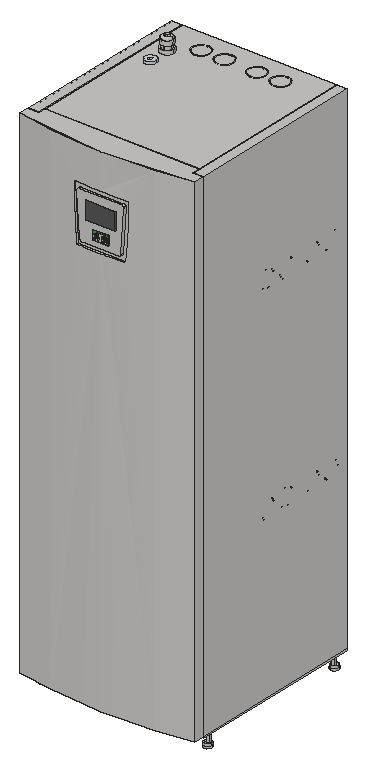
Revit family "HVAC_Heaters_Enertech_CTC-EcoPart-400 Pro", category Specialty Equipment, Revit 2017 (continued)
Lines and regions (mm)
  symbolic lines, detail levels fine
    curve 89: arc (135.992, 227.083, 0) -> (156.547, 235.995, 0) -> (165.459, 256.55, 0) r 30.484
    curve 90: arc (135.992, 286.016, 0) -> (155.133, 277.691, 0) -> (163.458, 258.55, 0) r 28.484
    curve 91: arc (165.459, 258.55, 0) -> (156.547, 279.105, 0) -> (135.992, 288.017, 0) r 30.484
    curve 92: arc (106.526, 258.55, 0) -> (114.851, 277.691, 0) -> (133.992, 286.016, 0) r 28.484
    curve 93: arc (133.992, 288.017, 0) -> (113.437, 279.105, 0) -> (104.525, 258.55, 0) r 30.484
    curve 94: line (133.992, 286.016, 0) -> (133.992, 288.017, 0)
    curve 95: line (135.992, 288.017, 0) -> (135.992, 286.016, 0)
    curve 96: line (104.525, 258.55, 0) -> (106.526, 258.55, 0)
    curve 97: line (106.526, 256.55, 0) -> (104.525, 256.55, 0)
    curve 98: line (163.458, 258.55, 0) -> (165.459, 258.55, 0)
    curve 99: line (165.459, 256.55, 0) -> (163.458, 256.55, 0)
    curve 100: line (133.992, 227.083, 0) -> (133.992, 229.084, 0)
    curve 101: line (135.992, 229.084, 0) -> (135.992, 227.083, 0)
    curve 168: line (0, 218.401, 1800.305) -> (0, 182.832, 1800.305)
    curve 169: line (0, 180.5, 1798.959) -> (0, 220.733, 1798.959)
    curve 170: line (0, 216.637, 1785.2) -> (0, 184.596, 1785.2)
    curve 171: line (0, 184.596, 1771) -> (0, 216.637, 1771)
    curve 172: line (0, 222.616, 1760) -> (0, 178.616, 1760)
    curve 173: line (0, 149.865, 1760) -> (0, 111.368, 1760)
    curve 179: arc (0, 296.451, 1331) -> (0, 287.539, 1351.555) -> (0, 266.984, 1360.467) r 30.484
    curve 180: arc (0, 266.984, 1358.466) -> (0, 286.125, 1350.141) -> (0, 294.45, 1331) r 28.484
    curve 181: arc (0, 264.984, 1360.467) -> (0, 244.428, 1351.555) -> (0, 235.516, 1331) r 30.484
    curve 182: arc (0, 237.518, 1331) -> (0, 245.843, 1350.141) -> (0, 264.984, 1358.466) r 28.484
    curve 183: arc (0, 264.984, 1301.534) -> (0, 245.843, 1309.859) -> (0, 237.518, 1329) r 28.484
    curve 184: arc (0, 235.516, 1329) -> (0, 244.428, 1308.445) -> (0, 264.984, 1299.533) r 30.484
    curve 185: arc (0, 294.45, 1329) -> (0, 286.125, 1309.859) -> (0, 266.984, 1301.534) r 28.484
    curve 186: arc (0, 266.984, 1299.533) -> (0, 287.539, 1308.445) -> (0, 296.451, 1329) r 30.484
    curve 187: line (0, 237.518, 1329) -> (0, 235.516, 1329)
    curve 188: line (0, 235.516, 1331) -> (0, 237.518, 1331)
    curve 189: line (0, 266.984, 1301.534) -> (0, 266.984, 1299.533)
    curve 190: line (0, 264.984, 1299.533) -> (0, 264.984, 1301.534)
    curve 191: line (0, 296.451, 1329) -> (0, 294.45, 1329)
    curve 192: line (0, 294.45, 1331) -> (0, 296.451, 1331)
    curve 193: line (0, 266.984, 1360.467) -> (0, 266.984, 1358.466)
    curve 194: line (0, 264.984, 1358.466) -> (0, 264.984, 1360.467)
    curve 195: arc (0, 216.451, 1331) -> (0, 207.539, 1351.555) -> (0, 186.984, 1360.467) r 30.484
    curve 196: arc (0, 186.984, 1358.466) -> (0, 206.125, 1350.141) -> (0, 214.45, 1331) r 28.484
    curve 197: arc (0, 184.984, 1360.467) -> (0, 164.428, 1351.555) -> (0, 155.516, 1331) r 30.484
    curve 198: arc (0, 157.518, 1331) -> (0, 165.843, 1350.141) -> (0, 184.984, 1358.466) r 28.484
    curve 199: arc (0, 184.984, 1301.534) -> (0, 165.843, 1309.859) -> (0, 157.518, 1329) r 28.484
    curve 200: arc (0, 155.516, 1329) -> (0, 164.428, 1308.445) -> (0, 184.984, 1299.533) r 30.484
    curve 201: arc (0, 214.45, 1329) -> (0, 206.125, 1309.859) -> (0, 186.984, 1301.534) r 28.484
    curve 202: arc (0, 186.984, 1299.533) -> (0, 207.539, 1308.445) -> (0, 216.451, 1329) r 30.484
    curve 203: line (0, 157.518, 1329) -> (0, 155.516, 1329)
    curve 204: line (0, 155.516, 1331) -> (0, 157.518, 1331)
    curve 205: line (0, 186.984, 1301.534) -> (0, 186.984, 1299.533)
    curve 206: line (0, 184.984, 1299.533) -> (0, 184.984, 1301.534)
    curve 207: line (0, 216.451, 1329) -> (0, 214.45, 1329)
    curve 208: line (0, 214.45, 1331) -> (0, 216.451, 1331)
    curve 209: line (0, 186.984, 1360.467) -> (0, 186.984, 1358.466)
    curve 210: line (0, 184.984, 1358.466) -> (0, 184.984, 1360.467)
    curve 211: arc (0, 106.467, 1331) -> (0, 97.555, 1351.555) -> (0, 77, 1360.467) r 30.484
    curve 212: arc (0, 77, 1358.466) -> (0, 96.141, 1350.141) -> (0, 104.466, 1331) r 28.484
    curve 213: arc (0, 75, 1360.467) -> (0, 54.445, 1351.555) -> (0, 45.533, 1331) r 30.484
    curve 214: arc (0, 47.534, 1331) -> (0, 55.859, 1350.141) -> (0, 75, 1358.466) r 28.484
    curve 215: arc (0, 75, 1301.534) -> (0, 55.859, 1309.859) -> (0, 47.534, 1329) r 28.484
    curve 216: arc (0, 45.533, 1329) -> (0, 54.445, 1308.445) -> (0, 75, 1299.533) r 30.484
    curve 217: arc (0, 104.466, 1329) -> (0, 96.141, 1309.859) -> (0, 77, 1301.534) r 28.484
    curve 218: arc (0, 77, 1299.533) -> (0, 97.555, 1308.445) -> (0, 106.467, 1329) r 30.484
    curve 219: line (0, 47.534, 1329) -> (0, 45.533, 1329)
    curve 220: line (0, 45.533, 1331) -> (0, 47.534, 1331)
    curve 221: line (0, 77, 1301.534) -> (0, 77, 1299.533)
    curve 222: line (0, 75, 1299.533) -> (0, 75, 1301.534)
    curve 223: line (0, 106.467, 1329) -> (0, 104.466, 1329)
    curve 224: line (0, 104.466, 1331) -> (0, 106.467, 1331)
    curve 225: line (0, 77, 1360.467) -> (0, 77, 1358.466)
    curve 226: line (0, 75, 1358.466) -> (0, 75, 1360.467)
    curve 227: arc (0, 26.467, 1331) -> (0, 17.555, 1351.555) -> (0, -3, 1360.467) r 30.484
    curve 228: arc (0, -3, 1358.466) -> (0, 16.141, 1350.141) -> (0, 24.466, 1331) r 28.484
    curve 229: arc (0, -5, 1360.467) -> (0, -25.555, 1351.555) -> (0, -34.467, 1331) r 30.484
    curve 230: arc (0, -32.466, 1331) -> (0, -24.141, 1350.141) -> (0, -5, 1358.466) r 28.484
    curve 231: arc (0, -5, 1301.534) -> (0, -24.141, 1309.859) -> (0, -32.466, 1329) r 28.484
    curve 232: arc (0, -34.467, 1329) -> (0, -25.555, 1308.445) -> (0, -5, 1299.533) r 30.484
    curve 233: arc (0, 24.466, 1329) -> (0, 16.141, 1309.859) -> (0, -3, 1301.534) r 28.484
    curve 234: arc (0, -3, 1299.533) -> (0, 17.555, 1308.445) -> (0, 26.467, 1329) r 30.484
    curve 235: line (0, -32.466, 1329) -> (0, -34.467, 1329)
    curve 236: line (0, -34.467, 1331) -> (0, -32.466, 1331)
    curve 237: line (0, -3, 1301.534) -> (0, -3, 1299.533)
    curve 238: line (0, -5, 1299.533) -> (0, -5, 1301.534)
    curve 239: line (0, 26.467, 1329) -> (0, 24.466, 1329)
    curve 240: line (0, 24.466, 1331) -> (0, 26.467, 1331)
    curve 241: line (0, -3, 1360.467) -> (0, -3, 1358.466)
    curve 242: line (0, -5, 1358.466) -> (0, -5, 1360.467)
    curve 243: arc (0, 26.467, 631) -> (0, 17.555, 651.555) -> (0, -3, 660.467) r 30.484
    curve 244: arc (0, -3, 658.466) -> (0, 16.141, 650.141) -> (0, 24.466, 631) r 28.484
    curve 245: arc (0, -5, 660.467) -> (0, -25.555, 651.555) -> (0, -34.467, 631) r 30.484
    curve 246: arc (0, -32.466, 631) -> (0, -24.141, 650.141) -> (0, -5, 658.466) r 28.484
    curve 247: arc (0, -5, 601.534) -> (0, -24.141, 609.859) -> (0, -32.466, 629) r 28.484
    curve 248: arc (0, -34.467, 629) -> (0, -25.555, 608.445) -> (0, -5, 599.533) r 30.484
    curve 249: arc (0, 24.466, 629) -> (0, 16.141, 609.859) -> (0, -3, 601.534) r 28.484
    curve 250: arc (0, -3, 599.533) -> (0, 17.555, 608.445) -> (0, 26.467, 629) r 30.484
    curve 251: line (0, -32.466, 629) -> (0, -34.467, 629)
    curve 252: line (0, -34.467, 631) -> (0, -32.466, 631)
    curve 253: line (0, -3, 601.534) -> (0, -3, 599.533)
    curve 254: line (0, -5, 599.533) -> (0, -5, 601.534)
    curve 255: line (0, 26.467, 629) -> (0, 24.466, 629)
    curve 256: line (0, 24.466, 631) -> (0, 26.467, 631)
    curve 257: line (0, -3, 660.467) -> (0, -3, 658.466)
    curve 258: line (0, -5, 658.466) -> (0, -5, 660.467)
    curve 259: arc (0, 106.467, 631) -> (0, 97.555, 651.555) -> (0, 77, 660.467) r 30.484
    curve 260: arc (0, 77, 658.466) -> (0, 96.141, 650.141) -> (0, 104.466, 631) r 28.484
    curve 261: arc (0, 75, 660.467) -> (0, 54.445, 651.555) -> (0, 45.533, 631) r 30.484
    curve 262: arc (0, 47.534, 631) -> (0, 55.859, 650.141) -> (0, 75, 658.466) r 28.484
    curve 263: arc (0, 75, 601.534) -> (0, 55.859, 609.859) -> (0, 47.534, 629) r 28.484
    curve 264: arc (0, 45.533, 629) -> (0, 54.445, 608.445) -> (0, 75, 599.533) r 30.484
    curve 265: arc (0, 104.466, 629) -> (0, 96.141, 609.859) -> (0, 77, 601.534) r 28.484
    curve 266: arc (0, 77, 599.533) -> (0, 97.555, 608.445) -> (0, 106.467, 629) r 30.484
    curve 267: line (0, 47.534, 629) -> (0, 45.533, 629)
    curve 268: line (0, 45.533, 631) -> (0, 47.534, 631)
    curve 269: line (0, 77, 601.534) -> (0, 77, 599.533)
    curve 270: line (0, 75, 599.533) -> (0, 75, 601.534)
    curve 271: line (0, 106.467, 629) -> (0, 104.466, 629)
    curve 272: line (0, 104.466, 631) -> (0, 106.467, 631)
    curve 273: line (0, 77, 660.467) -> (0, 77, 658.466)
    curve 274: line (0, 75, 658.466) -> (0, 75, 660.467)
    curve 275: arc (0, 216.451, 631) -> (0, 207.539, 651.555) -> (0, 186.984, 660.467) r 30.484
    curve 276: arc (0, 186.984, 658.466) -> (0, 206.125, 650.141) -> (0, 214.45, 631) r 28.484
    curve 277: arc (0, 184.984, 660.467) -> (0, 164.428, 651.555) -> (0, 155.516, 631) r 30.484
    curve 278: arc (0, 157.518, 631) -> (0, 165.843, 650.141) -> (0, 184.984, 658.466) r 28.484
    curve 279: arc (0, 184.984, 601.534) -> (0, 165.843, 609.859) -> (0, 157.518, 629) r 28.484
    curve 280: arc (0, 155.516, 629) -> (0, 164.428, 608.445) -> (0, 184.984, 599.533) r 30.484
    curve 281: arc (0, 214.45, 629) -> (0, 206.125, 609.859) -> (0, 186.984, 601.534) r 28.484
    curve 282: arc (0, 186.984, 599.533) -> (0, 207.539, 608.445) -> (0, 216.451, 629) r 30.484
    curve 283: line (0, 157.518, 629) -> (0, 155.516, 629)
    curve 284: line (0, 155.516, 631) -> (0, 157.518, 631)
    curve 285: line (0, 186.984, 601.534) -> (0, 186.984, 599.533)
    curve 286: line (0, 184.984, 599.533) -> (0, 184.984, 601.534)
    curve 287: line (0, 216.451, 629) -> (0, 214.45, 629)
    curve 288: line (0, 214.45, 631) -> (0, 216.451, 631)
    curve 289: line (0, 186.984, 660.467) -> (0, 186.984, 658.466)
    curve 290: line (0, 184.984, 658.466) -> (0, 184.984, 660.467)
    curve 291: arc (0, 296.451, 631) -> (0, 287.539, 651.555) -> (0, 266.984, 660.467) r 30.484
    curve 292: arc (0, 266.984, 658.466) -> (0, 286.125, 650.141) -> (0, 294.45, 631) r 28.484
    curve 293: arc (0, 264.984, 660.467) -> (0, 244.428, 651.555) -> (0, 235.516, 631) r 30.484
    curve 294: arc (0, 237.518, 631) -> (0, 245.843, 650.141) -> (0, 264.984, 658.466) r 28.484
    curve 295: arc (0, 264.984, 601.534) -> (0, 245.843, 609.859) -> (0, 237.518, 629) r 28.484
    curve 296: arc (0, 235.516, 629) -> (0, 244.428, 608.445) -> (0, 264.984, 599.533) r 30.484
    curve 297: arc (0, 294.45, 629) -> (0, 286.125, 609.859) -> (0, 266.984, 601.534) r 28.484
    curve 298: arc (0, 266.984, 599.533) -> (0, 287.539, 608.445) -> (0, 296.451, 629) r 30.484
    curve 299: line (0, 237.518, 629) -> (0, 235.516, 629)
    curve 300: line (0, 235.516, 631) -> (0, 237.518, 631)
    curve 301: line (0, 266.984, 601.534) -> (0, 266.984, 599.533)
    curve 302: line (0, 264.984, 599.533) -> (0, 264.984, 601.534)
    curve 303: line (0, 296.451, 629) -> (0, 294.45, 629)
    curve 304: line (0, 294.45, 631) -> (0, 296.451, 631)
    curve 305: line (0, 266.984, 660.467) -> (0, 266.984, 658.466)
    curve 306: line (0, 264.984, 658.466) -> (0, 264.984, 660.467)
    curve 307: line (0, 316.77, 4) -> (0, 292.02, 4)
    curve 308: line (0, 309.395, 12) -> (0, 299.395, 12)
    curve 309: line (0, 332.5, 52.518) -> (0, -269.014, 52.518)
    curve 310: line (0, -269.014, 47.518) -> (0, 332.5, 47.518)
    curve 311: line (0, 309.395, 28) -> (0, 309.395, 47.518)
    curve 312: line (0, 299.395, 28) -> (0, 299.395, 47.518)
    curve 313: line (0, -233.639, 28) -> (0, -233.639, 47.518)
    curve 314: line (0, -223.605, 28) -> (0, -223.605, 47.518)
    curve 315: line (0, -116.757, 26.828) -> (0, -125.344, 18.242)
    curve 316: arc (0, -125.344, 18.242) -> (0, -126.758, 17.656) -> (0, -128.172, 18.242) r 2
    curve 317: arc (0, -113.929, 28) -> (0, -115.46, 27.696) -> (0, -116.757, 26.828) r 4
    curve 318: line (0, -128.172, 18.242) -> (0, -136.339, 26.409)
    curve 319: line (0, -137.753, 24.995) -> (0, -129.586, 16.828)
    curve 320: arc (0, -129.586, 16.828) -> (0, -126.758, 15.656) -> (0, -123.929, 16.828) r 4
    curve 321: line (0, -123.929, 16.828) -> (0, -115.343, 25.414)
    curve 322: line (0, -136.339, 26.409) -> (0, -137.753, 24.995)
    curve 323: arc (0, -115.343, 25.414) -> (0, -114.694, 25.848) -> (0, -113.929, 26) r 2
    curve 324: line (0, -113.929, 26) -> (0, -95.586, 26)
    curve 325: arc (0, -92.757, 26.828) -> (0, -94.055, 27.696) -> (0, -95.586, 28) r 4
    curve 326: arc (0, -95.586, 26) -> (0, -94.82, 25.848) -> (0, -94.171, 25.414) r 2
    curve 327: line (0, -84.171, 18.242) -> (0, -92.757, 26.828)
    curve 328: line (0, -94.171, 25.414) -> (0, -85.585, 16.828)
    curve 329: arc (0, -85.585, 16.828) -> (0, -82.756, 15.656) -> (0, -79.928, 16.828) r 4
    curve 330: arc (0, -81.342, 18.242) -> (0, -82.756, 17.656) -> (0, -84.171, 18.242) r 2
    curve 331: line (0, -73.175, 26.409) -> (0, -81.342, 18.242)
    curve 332: line (0, -79.928, 16.828) -> (0, -71.761, 24.995)
    curve 333: line (0, -71.761, 24.995) -> (0, -73.175, 26.409)
    curve 334: line (0, 159.743, 26.828) -> (0, 151.156, 18.242)
    curve 335: arc (0, 151.156, 18.242) -> (0, 149.742, 17.656) -> (0, 148.328, 18.242) r 2
    curve 336: arc (0, 162.571, 28) -> (0, 161.04, 27.696) -> (0, 159.743, 26.828) r 4
    curve 337: line (0, 148.328, 18.242) -> (0, 140.161, 26.409)
    curve 338: line (0, 138.747, 24.995) -> (0, 146.914, 16.828)
    curve 339: arc (0, 146.914, 16.828) -> (0, 149.742, 15.656) -> (0, 152.571, 16.828) r 4
    curve 340: line (0, 152.571, 16.828) -> (0, 161.157, 25.414)
    curve 341: line (0, 140.161, 26.409) -> (0, 138.747, 24.995)
    curve 342: arc (0, 161.157, 25.414) -> (0, 161.806, 25.848) -> (0, 162.571, 26) r 2
    curve 343: line (0, 162.571, 26) -> (0, 180.914, 26)
    curve 344: arc (0, 183.743, 26.828) -> (0, 182.445, 27.696) -> (0, 180.914, 28) r 4
    curve 345: arc (0, 180.914, 26) -> (0, 181.68, 25.848) -> (0, 182.329, 25.414) r 2
    curve 346: line (0, 192.329, 18.242) -> (0, 183.743, 26.828)
    curve 347: line (0, 182.329, 25.414) -> (0, 190.915, 16.828)
    curve 348: arc (0, 190.915, 16.828) -> (0, 193.744, 15.656) -> (0, 196.572, 16.828) r 4
    curve 349: arc (0, 195.158, 18.242) -> (0, 193.744, 17.656) -> (0, 192.329, 18.242) r 2
    curve 350: line (0, 203.325, 26.409) -> (0, 195.158, 18.242)
    curve 351: line (0, 196.572, 16.828) -> (0, 204.739, 24.995)
    curve 352: line (0, 204.739, 24.995) -> (0, 203.325, 26.409)
    curve 353: line (0, -273.014, 52.518) -> (0, -273.014, 1760)
    curve 354: line (0, -297.936, 1760) -> (0, -297.936, 52.518)
    curve 355: line (0, -312.015, 52.5) -> (0, -313.834, 1760)
    curve 356: line (0, -323.074, 1760) -> (0, -312.015, 52.5)
    curve 357: line (0, -233.639, 12) -> (0, -223.605, 12)
    curve 358: line (0, -216.264, 4) -> (0, -241.014, 4)
    curve 411: line (-222.893, 0, 1800.305) -> (-187.324, 0, 1800.305)
    curve 412: line (-184.992, 0, 1798.959) -> (-225.225, 0, 1798.959)
    curve 413: line (-221.129, 0, 1785.2) -> (-189.088, 0, 1785.2)
    curve 414: line (-221.129, 0, 1771) -> (-189.088, 0, 1771)
    curve 415: line (-227.108, 0, 1760) -> (-183.108, 0, 1760)
    curve 416: line (-185.86, 0, 1760) -> (-185.86, 0, 1766)
    curve 417: line (-185.86, 0, 1766) -> (-224.357, 0, 1766)
    curve 418: line (-224.357, 0, 1766) -> (-224.357, 0, 1760)
    curve 419: line (-298, 0, 52.5) -> (298, 0, 52.5)
    curve 420: line (284.5, 0, 47.518) -> (274.5, 0, 47.518)
    curve 421: line (274.5, 0, 12) -> (284.5, 0, 12)
    curve 422: line (267.125, 0, 4) -> (291.875, 0, 4)
    curve 423: line (255.5, 0, 28) -> (-255.5, 0, 28)
    curve 424: line (-255.5, 0, 26.409) -> (255.5, 0, 26.409)
    curve 425: line (255.5, 0, 24.995) -> (-255.5, 0, 24.995)
    curve 426: line (-267.125, 0, 4) -> (-291.875, 0, 4)
    curve 427: line (-284.5, 0, 12) -> (-274.5, 0, 12)
    curve 428: line (-274.5, 0, 47.518) -> (-284.5, 0, 47.518)
    curve 429: line (-208, 0, 1760) -> (-285.5, 0, 52.5)
    curve 430: line (285.5, 0, 52.5) -> (208, 0, 1760)
    curve 431: line (285.5, 0, 52.5) -> (258, 0, 1760)
    curve 432: line (93, 0, 1638.587) -> (-93, 0, 1638.587)
    curve 433: arc (-93, 0, 1638.587) -> (-91.512, 0, 1543.484) -> (-83.299, 0, 1448.723) r 1343.594
    curve 434: line (-83.299, 0, 1448.723) -> (83.299, 0, 1448.723)
    curve 435: arc (83.299, 0, 1448.723) -> (91.512, 0, 1543.484) -> (93, 0, 1638.587) r 1343.594
    curve 436: arc (69.564, 0, 1470.884) -> (77.259, 0, 1542.94) -> (79.512, 0, 1615.37) r 962.676
    curve 437: line (71.512, 0, 1623.318) -> (-71.512, 0, 1623.318)
    curve 438: arc (79.512, 0, 1615.37) -> (77.15, 0, 1620.993) -> (71.512, 0, 1623.318) r 8
    curve 439: arc (-71.512, 0, 1623.318) -> (-77.15, 0, 1620.993) -> (-79.512, 0, 1615.37) r 8
    curve 440: arc (-79.512, 0, 1615.37) -> (-77.259, 0, 1542.94) -> (-69.564, 0, 1470.884) r 962.676
    curve 441: arc (-69.564, 0, 1470.884) -> (-66.882, 0, 1465.983) -> (-61.647, 0, 1464.032) r 8
    curve 442: line (-61.647, 0, 1464.032) -> (61.647, 0, 1464.032)
    curve 443: arc (61.647, 0, 1464.032) -> (66.882, 0, 1465.983) -> (69.564, 0, 1470.884) r 8
    curve 444: line (-50.67, 0, 1536.092) -> (50.67, 0, 1536.092)
    curve 445: line (50.67, 0, 1536.092) -> (50.67, 0, 1596.158)
    curve 446: line (50.67, 0, 1596.158) -> (-50.67, 0, 1596.158)
    curve 447: line (-50.67, 0, 1596.158) -> (-50.67, 0, 1536.092)
    curve 448: line (25.5, 0, 1514.675) -> (-25.5, 0, 1514.675)
    curve 449: arc (-25.5, 0, 1514.675) -> (-26.914, 0, 1514.089) -> (-27.5, 0, 1512.675) r 2
    curve 450: line (-27.5, 0, 1512.675) -> (-27.5, 0, 1483.675)
    curve 451: arc (-27.5, 0, 1483.675) -> (-26.914, 0, 1482.261) -> (-25.5, 0, 1481.675) r 2
    curve 452: line (-25.5, 0, 1481.675) -> (25.5, 0, 1481.675)
    curve 453: arc (25.5, 0, 1481.675) -> (26.914, 0, 1482.261) -> (27.5, 0, 1483.675) r 2
    curve 454: line (27.5, 0, 1483.675) -> (27.5, 0, 1512.675)
    curve 455: arc (27.5, 0, 1512.675) -> (26.914, 0, 1514.089) -> (25.5, 0, 1514.675) r 2
    curve 456: spline (24.54, 0, 1497.655) -> (22.341, 0, 1501.729) -> (18.495, 0, 1504.309) -> (13.888, 0, 1504.801) -> (9.584, 0, 1503.092) -> (6.572, 0, 1499.574) -> (5.548, 0, 1495.059) -> (6.747, 0, 1490.587) -> (9.893, 0, 1487.189) -> (14.261, 0, 1485.647) -> (18.844, 0, 1486.318) -> (22.587, 0, 1489.046) -> (24.627, 0, 1493.202)
    curve 457: spline (18.433, 0, 1493.202) -> (17.635, 0, 1491.072) -> (16.341, 0, 1489.726) -> (14.815, 0, 1489.436) -> (13.364, 0, 1490.263) -> (12.285, 0, 1492.037) -> (11.795, 0, 1494.399) -> (11.994, 0, 1496.871) -> (12.842, 0, 1498.95) -> (14.166, 0, 1500.215) -> (15.698, 0, 1500.41) -> (17.128, 0, 1499.494) -> (18.165, 0, 1497.655)
    curve 458: line (18.165, 0, 1497.655) -> (24.54, 0, 1497.655)
    curve 459: line (24.627, 0, 1493.202) -> (18.433, 0, 1493.202)
    curve 460: line (11.698, 0, 1510.834) -> (-11.698, 0, 1510.834)
    curve 461: line (3.815, 0, 1505.508) -> (11.698, 0, 1505.514)
    curve 462: line (-11.698, 0, 1505.493) -> (-3.818, 0, 1505.502)
    curve 463: line (-11.698, 0, 1510.834) -> (-11.698, 0, 1505.493)
    curve 464: line (11.698, 0, 1505.514) -> (11.698, 0, 1510.834)
    curve 465: line (-3.818, 0, 1505.502) -> (-3.81, 0, 1485.555)
    curve 466: line (3.815, 0, 1485.555) -> (3.815, 0, 1505.508)
    curve 467: line (-3.81, 0, 1485.555) -> (3.815, 0, 1485.555)
    curve 468: spline (-5.46, 0, 1497.655) -> (-7.659, 0, 1501.729) -> (-11.505, 0, 1504.309) -> (-16.112, 0, 1504.801) -> (-20.416, 0, 1503.092) -> (-23.428, 0, 1499.574) -> (-24.452, 0, 1495.059) -> (-23.253, 0, 1490.587) -> (-20.107, 0, 1487.189) -> (-15.739, 0, 1485.647) -> (-11.156, 0, 1486.318) -> (-7.413, 0, 1489.046) -> (-5.373, 0, 1493.202)
    curve 469: spline (-11.567, 0, 1493.202) -> (-12.365, 0, 1491.072) -> (-13.659, 0, 1489.726) -> (-15.185, 0, 1489.436) -> (-16.636, 0, 1490.263) -> (-17.715, 0, 1492.037) -> (-18.205, 0, 1494.399) -> (-18.006, 0, 1496.871) -> (-17.158, 0, 1498.95) -> (-15.834, 0, 1500.215) -> (-14.302, 0, 1500.41) -> (-12.872, 0, 1499.494) -> (-11.835, 0, 1497.655)
    curve 470: line (-5.373, 0, 1493.202) -> (-11.567, 0, 1493.202)
    curve 471: line (-11.835, 0, 1497.655) -> (-5.46, 0, 1497.655)
    curve 478: line (-285.5, 0, 52.5) -> (-258, 0, 1760)
  symbolic lines, detail levels coarse
    curve 102: line (-298, 336.5, 0) -> (-298, -336.5, 0)
    curve 103: line (-298, -336.5, 0) -> (298, -336.5, 0)
    curve 104: line (298, -336.5, 0) -> (298, 336.5, 0)
    curve 123: line (0, 222.616, 1807) -> (0, 178.616, 1807)
    curve 124: line (0, 178.616, 1807) -> (0, 178.616, 1760)
    curve 125: line (0, 222.616, 1760) -> (0, 222.616, 1807)
    curve 126: line (0, -336.5, 1760) -> (0, -336.5, 0)
    curve 127: line (0, -336.5, 0) -> (0, 336.5, 0)
    curve 128: line (0, 336.5, 0) -> (0, 336.5, 1560.571)
    curve 472: line (-227.108, 0, 1760) -> (-227.108, 0, 1807)
    curve 473: line (-183.108, 0, 1760) -> (-183.108, 0, 1807)
    curve 474: line (-227.108, 0, 1807) -> (-183.108, 0, 1807)
    curve 475: line (-298, 0, 1760) -> (-298, 0, 0)
    curve 476: line (-298, 0, 0) -> (298, 0, 0)
    curve 477: line (298, 0, 0) -> (298, 0, 1760)
Dimensions and locks
  equal spacing: plane 4, plane 3 "Center (Left/Right)", plane 5
  "NominalWidth": plane 4 to plane 5
  equal spacing: plane 6, plane 1 "Center (Front/Back)", plane 7
  "NominalDepth": plane 6 to plane 7
  "NominalHeight": plane 8 to level
  aligned and locked: level to plane 2
Automatic sketch dimensions
  curve 24 to curve 25 = 0 mm  (x2)
  curve 24 to curve 26 = 0 mm  (x2)
  curve 24 to curve 27 = 0 mm  (x2)
  curve 25 to curve 26 = 0 mm  (x2)
  curve 25 to curve 27 = 0 mm  (x2)
  curve 26 to curve 27 = 0 mm  (x2)
  curve 28 to curve 29 = 0 mm  (x2)
  curve 28 to curve 30 = 0 mm  (x2)
  curve 28 to curve 31 = 0 mm  (x2)
  curve 28 to curve 32 = 0 mm  (x2)
  curve 28 to curve 33 = 0 mm  (x2)
  curve 28 to curve 34 = 0 mm  (x2)
  curve 28 to curve 35 = 0 mm  (x2)
  curve 28 to curve 36 = 0 mm  (x2)
  curve 28 to curve 37 = 0 mm  (x2)
  curve 29 to curve 30 = 0 mm  (x2)
  curve 29 to curve 31 = 0 mm  (x2)
  curve 29 to curve 32 = 0 mm  (x2)
  curve 29 to curve 33 = 0 mm  (x2)
  curve 29 to curve 34 = 0 mm  (x2)
  curve 29 to curve 35 = 0 mm  (x2)
  curve 29 to curve 36 = 0 mm  (x2)
  curve 29 to curve 37 = 0 mm  (x2)
  curve 30 to curve 31 = 0 mm  (x2)
  curve 30 to curve 32 = 0 mm  (x2)
  curve 30 to curve 33 = 0 mm  (x2)
  curve 30 to curve 34 = 0 mm  (x2)
  curve 30 to curve 35 = 0 mm  (x2)
  curve 30 to curve 36 = 0 mm  (x2)
  curve 30 to curve 37 = 0 mm  (x2)
  curve 31 to curve 32 = 0 mm  (x2)
  curve 31 to curve 33 = 0 mm  (x2)
  curve 31 to curve 34 = 0 mm  (x2)
  curve 31 to curve 35 = 0 mm  (x2)
  curve 31 to curve 36 = 0 mm  (x2)
  curve 31 to curve 37 = 0 mm  (x2)
  curve 32 to curve 33 = 0 mm  (x2)
  curve 32 to curve 34 = 0 mm  (x2)
  curve 32 to curve 35 = 0 mm  (x2)
  curve 32 to curve 36 = 0 mm  (x2)
  curve 32 to curve 37 = 0 mm  (x2)
  curve 33 to curve 34 = 0 mm  (x2)
  curve 33 to curve 35 = 0 mm  (x2)
  curve 33 to curve 36 = 0 mm  (x2)
  curve 33 to curve 37 = 0 mm  (x2)
  curve 34 to curve 35 = 0 mm  (x2)
  curve 34 to curve 36 = 0 mm  (x2)
  curve 34 to curve 37 = 0 mm  (x2)
  curve 35 to curve 36 = 0 mm  (x2)
  curve 35 to curve 37 = 0 mm  (x2)
  curve 36 to curve 37 = 0 mm  (x2)
  curve 38 to curve 39 = 0 mm  (x2)
  curve 38 to curve 40 = 0 mm  (x2)
  curve 38 to curve 41 = 0 mm  (x2)
  curve 38 to curve 42 = 0 mm  (x2)
  curve 38 to curve 43 = 0 mm  (x2)
  curve 38 to curve 44 = 0 mm  (x2)
  curve 38 to curve 45 = 0 mm  (x2)
  curve 39 to curve 40 = 0 mm  (x2)
  curve 39 to curve 41 = 0 mm  (x2)
  curve 39 to curve 42 = 0 mm  (x2)
  curve 39 to curve 43 = 0 mm  (x2)
  curve 39 to curve 44 = 0 mm  (x2)
  curve 39 to curve 45 = 0 mm  (x2)
  curve 40 to curve 41 = 0 mm  (x2)
  curve 40 to curve 42 = 0 mm  (x2)
  curve 40 to curve 43 = 0 mm  (x2)
  curve 40 to curve 44 = 0 mm  (x2)
  curve 40 to curve 45 = 0 mm  (x2)
  curve 41 to curve 42 = 0 mm  (x2)
  curve 41 to curve 43 = 0 mm  (x2)
  curve 41 to curve 44 = 0 mm  (x2)
  curve 41 to curve 45 = 0 mm  (x2)
  curve 42 to curve 43 = 0 mm  (x2)
  curve 42 to curve 44 = 0 mm  (x2)
  curve 42 to curve 45 = 0 mm  (x2)
  curve 43 to curve 44 = 0 mm  (x2)
  curve 43 to curve 45 = 0 mm  (x2)
  curve 44 to curve 45 = 0 mm  (x2)
  curve 54 to curve 55 = 0 mm  (x2)
  curve 54 to curve 56 = 0 mm  (x2)
  curve 54 to curve 57 = 0 mm  (x2)
  curve 54 to curve 58 = 0 mm  (x2)
  curve 54 to curve 59 = 0 mm  (x2)
  curve 54 to curve 60 = 0 mm  (x2)
  curve 54 to curve 61 = 0 mm  (x2)
  curve 55 to curve 56 = 0 mm  (x2)
  curve 55 to curve 57 = 0 mm  (x2)
  curve 55 to curve 58 = 0 mm  (x2)
  curve 55 to curve 59 = 0 mm  (x2)
  curve 55 to curve 60 = 0 mm  (x2)
  curve 55 to curve 61 = 0 mm  (x2)
  curve 56 to curve 57 = 0 mm  (x2)
  curve 56 to curve 58 = 0 mm  (x2)
  curve 56 to curve 59 = 0 mm  (x2)
  curve 56 to curve 60 = 0 mm  (x2)
  curve 56 to curve 61 = 0 mm  (x2)
  curve 57 to curve 58 = 0 mm  (x2)
  curve 57 to curve 59 = 0 mm  (x2)
  curve 57 to curve 60 = 0 mm  (x2)
  curve 57 to curve 61 = 0 mm  (x2)
  curve 58 to curve 59 = 0 mm  (x2)
  curve 58 to curve 60 = 0 mm  (x2)
  curve 58 to curve 61 = 0 mm  (x2)
  curve 59 to curve 60 = 0 mm  (x2)
  curve 59 to curve 61 = 0 mm  (x2)
  curve 60 to curve 61 = 0 mm  (x2)
  curve 70 to curve 71 = 0 mm  (x2)
  curve 70 to curve 72 = 0 mm  (x2)
  curve 70 to curve 73 = 0 mm  (x2)
  curve 70 to curve 74 = 0 mm  (x2)
  curve 70 to curve 75 = 0 mm  (x2)
  curve 70 to curve 76 = 0 mm  (x2)
  curve 70 to curve 77 = 0 mm  (x2)
  curve 71 to curve 72 = 0 mm  (x2)
  curve 71 to curve 73 = 0 mm  (x2)
  curve 71 to curve 74 = 0 mm  (x2)
  curve 71 to curve 75 = 0 mm  (x2)
  curve 71 to curve 76 = 0 mm  (x2)
  curve 71 to curve 77 = 0 mm  (x2)
  curve 72 to curve 73 = 0 mm  (x2)
  curve 72 to curve 74 = 0 mm  (x2)
  curve 72 to curve 75 = 0 mm  (x2)
  curve 72 to curve 76 = 0 mm  (x2)
  curve 72 to curve 77 = 0 mm  (x2)
  curve 73 to curve 74 = 0 mm  (x2)
  curve 73 to curve 75 = 0 mm  (x2)
  curve 73 to curve 76 = 0 mm  (x2)
  curve 73 to curve 77 = 0 mm  (x2)
  curve 74 to curve 75 = 0 mm  (x2)
  curve 74 to curve 76 = 0 mm  (x2)
  curve 74 to curve 77 = 0 mm  (x2)
  curve 75 to curve 76 = 0 mm  (x2)
  curve 75 to curve 77 = 0 mm  (x2)
  curve 76 to curve 77 = 0 mm  (x2)
  curve 86 to curve 87 = 0 mm  (x2)
  curve 86 to curve 88 = 0 mm  (x2)
  curve 86 to curve 89 = 0 mm  (x2)
  curve 86 to curve 90 = 0 mm  (x2)
  curve 86 to curve 91 = 0 mm  (x2)
  curve 86 to curve 92 = 0 mm  (x2)
  curve 86 to curve 93 = 0 mm  (x2)
  curve 87 to curve 88 = 0 mm  (x2)
  curve 87 to curve 89 = 0 mm  (x2)
  curve 87 to curve 90 = 0 mm  (x2)
  curve 87 to curve 91 = 0 mm  (x2)
  curve 87 to curve 92 = 0 mm  (x2)
  curve 87 to curve 93 = 0 mm  (x2)
  curve 88 to curve 89 = 0 mm  (x2)
  curve 88 to curve 90 = 0 mm  (x2)
  curve 88 to curve 91 = 0 mm  (x2)
  curve 88 to curve 92 = 0 mm  (x2)
  curve 88 to curve 93 = 0 mm  (x2)
  curve 89 to curve 90 = 0 mm  (x2)
  curve 89 to curve 91 = 0 mm  (x2)
  curve 89 to curve 92 = 0 mm  (x2)
  curve 89 to curve 93 = 0 mm  (x2)
  curve 90 to curve 91 = 0 mm  (x2)
  curve 90 to curve 92 = 0 mm  (x2)
  curve 90 to curve 93 = 0 mm  (x2)
  curve 91 to curve 92 = 0 mm  (x2)
  curve 91 to curve 93 = 0 mm  (x2)
  curve 92 to curve 93 = 0 mm  (x2)
  curve 103 to plane 4 = 0 mm
  curve 20 to plane 6 = 0 mm
  curve 13 to plane 3 "Center (Left/Right)" = 0 mm
  curve 16 to plane 5 = 0 mm
  curve 103 to plane 7 = 0 mm
  plane 4 to curve 19 = 35 mm
  plane 4 to curve 11 = 40 mm
  curve 20 to curve 8 = 24.493 mm
  curve 8 to curve 6 = 28 mm
  plane 7 to curve 12 = 13.426 mm
  curve 11 to curve 12 = 50 mm
  plane 4 to curve 28 = 92.892 mm
  curve 27 to curve 28 = 0 mm
  curve 28 to curve 49 = 39.649 mm
  curve 48 to curve 49 = 0 mm  (x2)
  curve 49 to curve 49 = 2.001 mm
  curve 48 to curve 46 = 27.466 mm
  curve 38 to curve 52 = 27.466 mm
  curve 49 to curve 43 = 28.466 mm
  curve 38 to curve 53 = 2 mm
  curve 46 to curve 47 = 2 mm
  curve 38 to curve 50 = 28.466 mm
  curve 51 to curve 42 = 0 mm
  curve 42 to curve 50 = 2.001 mm
  curve 51 to curve 43 = 0 mm
  curve 43 to curve 64 = 19.066 mm
  curve 65 to curve 61 = 0 mm
  curve 55 to curve 65 = 2.001 mm
  curve 64 to curve 65 = 0 mm
  curve 64 to curve 62 = 27.466 mm
  curve 54 to curve 68 = 27.466 mm
  curve 65 to curve 60 = 28.466 mm
  curve 68 to curve 69 = 2 mm
  curve 60 to curve 63 = 2 mm
  curve 66 to plane 3 "Center (Left/Right)" = 26.526 mm
  curve 67 to curve 58 = 0 mm
  curve 66 to curve 66 = 2.001 mm
  curve 67 to curve 66 = 0 mm
  plane 3 "Center (Left/Right)" to curve 81 = 24.525 mm
  curve 80 to curve 71 = 0 mm
  curve 81 to curve 81 = 2.001 mm
  curve 80 to curve 81 = 0 mm
  curve 80 to curve 78 = 27.466 mm
  curve 70 to curve 84 = 27.466 mm
  curve 81 to curve 77 = 28.466 mm
  curve 71 to curve 85 = 2 mm
  curve 77 to curve 79 = 2 mm
  curve 70 to curve 83 = 28.466 mm
  curve 82 to curve 72 = 0 mm
  curve 72 to curve 83 = 2.001 mm
  curve 82 to curve 73 = 0 mm
  curve 73 to curve 97 = 19.066 mm
  curve 96 to curve 87 = 0 mm
  curve 93 to curve 96 = 2.001 mm
  curve 97 to curve 96 = 0 mm
  curve 92 to curve 94 = 27.466 mm
  curve 86 to curve 100 = 27.466 mm
  curve 97 to curve 89 = 28.466 mm
  curve 87 to curve 101 = 2 mm
  curve 93 to curve 95 = 2 mm
  curve 86 to curve 99 = 28.466 mm
  curve 98 to curve 99 = 0 mm
  curve 88 to curve 99 = 2.001 mm
  curve 98 to curve 89 = 0 mm
  plane 7 to curve 14 = 13.426 mm
  curve 4 to plane 5 = 87.493 mm
  plane 6 to curve 2 = 1 mm
  curve 3 to curve 2 = 28 mm
  curve 15 to plane 5 = 40 mm
  curve 17 to plane 5 = 35 mm
  plane 7 to curve 14 = 22.666 mm
  plane 7 to curve 11 = 22.666 mm
  curve 103 to curve 15 = 38.564 mm
  plane 7 to curve 10 = 38.564 mm
  curve 11 to curve 20 = 40.82 mm
  curve 14 to curve 18 = 40.82 mm
  curve 25 to plane 1 "Center (Front/Back)" = 130.616 mm
  curve 24 to curve 33 = 70 mm
  curve 101 to plane 6 = 109.417 mm
  curve 69 to plane 6 = 109.417 mm
  curve 84 to curve 89 = 0 mm
  curve 28 to curve 53 = 29.966 mm
  curve 71 to curve 85 = 0 mm
  curve 100 to curve 89 = 0 mm
  curve 52 to curve 53 = 0 mm
  curve 68 to curve 69 = 0 mm
  curve 89 to curve 101 = 2.001 mm
  curve 39 to curve 52 = 2.001 mm
  curve 73 to curve 85 = 2.001 mm
  curve 68 to curve 68 = 2.001 mm
  curve 57 to curve 66 = 2 mm
  curve 89 to curve 98 = 2 mm
  curve 97 to curve 96 = 2 mm
  curve 65 to curve 64 = 2 mm
  curve 40 to curve 50 = 2 mm
  curve 49 to curve 48 = 2 mm
  curve 73 to curve 82 = 2 mm
  curve 81 to curve 80 = 2 mm
  plane 6 to curve 8 = 1 mm
  plane 6 to curve 13 = 937.934 mm
  curve 28 to curve 28 = 22 mm
  curve 28 to curve 29 = 1.883 mm
  curve 24 to curve 24 = 19.248 mm
  curve 29 to curve 30 = 2.332 mm
  curve 35 to curve 31 = 6.435 mm
  curve 26 to curve 24 = 7.026 mm
  curve 32 to curve 28 = 5.5 mm
  curve 17 to curve 21 = 26 mm
  curve 475 to level = 0 mm
  curve 475 to plane 4 = 0 mm
  curve 385 to level = 0 mm
  curve 478 to plane 8 = 0 mm
  curve 365 to level = 0 mm
  curve 408 to plane 5 = 0 mm
  curve 436 to plane 8 = 150.939 mm
  curve 436 to plane 4 = 585.144 mm
  curve 435 to plane 8 = 147.962 mm
  curve 435 to curve 436 = 367.188 mm
  plane 4 to curve 386 = 4.125 mm
  curve 385 to curve 426 = 2 mm
  plane 4 to curve 428 = 13.5 mm
  curve 389 to curve 379 = 10 mm
  curve 379 to curve 380 = 7.375 mm
  curve 381 to curve 384 = 2 mm
  curve 378 to curve 377 = 11.5 mm
  curve 376 to curve 375 = 7.5 mm
  plane 4 to curve 415 = 70.892 mm
  curve 472 to curve 398 = 1.883 mm
  curve 393 to curve 418 = 2.752 mm
  curve 397 to curve 398 = 2.332 mm
  curve 396 to curve 396 = 4.096 mm
  curve 398 to curve 399 = 6.695 mm
  curve 400 to curve 410 = 22.439 mm
  curve 410 to curve 413 = 4.671 mm
  plane 8 to curve 401 = 40.305 mm
  curve 410 to curve 401 = 6.435 mm
  curve 404 to curve 416 = 3.228 mm
  curve 403 to curve 402 = 4.096 mm
  curve 401 to curve 474 = 4.216 mm
  curve 432 to plane 3 "Center (Left/Right)" = 93 mm
  curve 434 to plane 3 "Center (Left/Right)" = 83.299 mm
  curve 433 to curve 439 = 21.488 mm
  curve 433 to curve 441 = 21.653 mm
  curve 447 to plane 3 "Center (Left/Right)" = 50.67 mm
  curve 450 to plane 3 "Center (Left/Right)" = 27.5 mm
  curve 449 to curve 448 = 2 mm
  curve 450 to curve 451 = 2 mm
  curve 471 to plane 3 "Center (Left/Right)" = 11.835 mm
  curve 469 to curve 463 = 0.137 mm
  curve 471 to curve 470 = 0.268 mm
  curve 471 to plane 3 "Center (Left/Right)" = 5.46 mm
  curve 468 to curve 470 = 0.087 mm
  curve 465 to plane 3 "Center (Left/Right)" = 3.818 mm
  curve 467 to plane 3 "Center (Left/Right)" = 3.81 mm
  plane 3 "Center (Left/Right)" to curve 466 = 3.815 mm
  curve 461 to curve 464 = 7.883 mm
  curve 461 to curve 458 = 6.467 mm
  curve 458 to curve 459 = 0.268 mm
  curve 458 to curve 458 = 6.375 mm
  curve 456 to curve 459 = 0.087 mm
  curve 459 to curve 452 = 0.873 mm
  curve 460 to curve 448 = 13.802 mm
  curve 453 to curve 454 = 2 mm
  curve 454 to curve 445 = 23.17 mm
  curve 453 to curve 443 = 34.147 mm
  curve 445 to curve 438 = 20.842 mm
  curve 442 to curve 434 = 21.653 mm
  curve 437 to curve 432 = 21.488 mm
  curve 372 to plane 5 = 42.5 mm
  curve 372 to curve 371 = 7.5 mm
  level to curve 365 = 4 mm
  curve 373 to curve 365 = 9.625 mm
  curve 365 to curve 422 = 2 mm
  curve 370 to curve 369 = 11.5 mm
  curve 369 to curve 409 = 10 mm
  curve 361 to plane 5 = 6.125 mm
  curve 364 to plane 5 = 4.125 mm
  curve 440 to plane 8 = 150.939 mm
  plane 5 to curve 440 = 585.144 mm
  curve 433 to plane 8 = 147.962 mm
  curve 383 to curve 383 = 4 mm
  curve 386 to curve 389 = 8 mm
  curve 361 to curve 361 = 8 mm
  curve 380 to curve 375 = 3.656 mm
  curve 374 to curve 376 = 12.344 mm
  curve 376 to curve 428 = 19.518 mm
  curve 371 to curve 371 = 19.518 mm
  curve 434 to curve 406 = 311.277 mm
  curve 433 to curve 442 = 15.308 mm
  curve 442 to curve 443 = 8 mm
  curve 441 to curve 441 = 8 mm
  curve 443 to curve 452 = 9.643 mm
  curve 451 to curve 467 = 1.88 mm
  curve 453 to curve 459 = 9.527 mm
  curve 465 to curve 470 = 7.647 mm
  curve 457 to curve 458 = 4.452 mm
  curve 469 to curve 471 = 4.452 mm
  curve 469 to curve 463 = 7.839 mm
  curve 462 to curve 462 = 0.008 mm
  curve 462 to curve 466 = 0.006 mm
  curve 461 to curve 464 = 0.006 mm
  curve 462 to curve 460 = 5.341 mm
  curve 460 to curve 450 = 1.841 mm
  curve 449 to curve 444 = 23.417 mm
  curve 445 to curve 435 = 42.429 mm
  curve 445 to curve 438 = 19.16 mm
  curve 446 to curve 439 = 19.16 mm
  curve 439 to curve 437 = 8 mm
  plane 8 to curve 418 = 6 mm
  curve 416 to curve 404 = 5 mm
  curve 404 to curve 403 = 14.2 mm
  curve 398 to curve 400 = 1.347 mm
  curve 398 to curve 472 = 6.695 mm
  curve 478 to curve 389 = 1 mm
  curve 429 to curve 478 = 0 mm
  curve 478 to curve 392 = 30.892 mm
  curve 418 to curve 429 = 16.357 mm
  curve 440 to curve 439 = 0 mm
  curve 469 to curve 469 = 3.241 mm
  curve 469 to curve 468 = 0.004 mm
  curve 457 to curve 457 = 3.241 mm
  curve 457 to curve 456 = 0.004 mm
  curve 436 to curve 443 = 0 mm
  curve 430 to plane 5 = 90 mm
  curve 431 to plane 5 = 40 mm
  curve 359 to curve 431 = 1 mm
  curve 430 to curve 431 = 0 mm
  curve 425 to curve 375 = 3.005 mm
  curve 425 to curve 424 = 1.414 mm
  curve 390 to curve 419 = 4.982 mm
  curve 456 to curve 459 = 7.6 mm
  curve 468 to curve 469 = 7.6 mm
  curve 456 to curve 457 = 3.801 mm
  curve 468 to curve 469 = 3.801 mm
  Extrusion 1 sketch curve to plane 6 = 0 mm
  plane 4 to Extrusion 1 sketch curve = 35 mm
  Extrusion 1 sketch curve to Extrusion 1 sketch curve = 2 mm  (x3)
  Extrusion 1 sketch curve to plane 6 = 2 mm
  Extrusion 1 sketch curve to plane 5 = 37 mm
  plane 7 to Extrusion 1 sketch curve = 91.486 mm
  Extrusion 2 sketch curve to plane 6 = 0 mm
  plane 4 to Extrusion 2 sketch curve = 35 mm
  Extrusion 2 sketch curve to plane 5 = 35 mm
  plane 7 to Extrusion 2 sketch curve = 89.486 mm
  Extrusion 3 sketch curve to plane 4 = 0 mm
  Extrusion 3 sketch curve to plane 6 = 0 mm  (x2)
  Extrusion 3 sketch curve to plane 5 = 0 mm
  plane 4 to Extrusion 3 sketch curve = 2 mm
  Extrusion 3 sketch curve to Extrusion 3 sketch curve = 31 mm
  Extrusion 3 sketch curve to Extrusion 3 sketch curve = 2 mm  (x4)
  Extrusion 3 sketch curve to plane 5 = 35 mm
  Extrusion 3 sketch curve to plane 5 = 2 mm
  Extrusion 3 sketch curve to plane 6 = 2 mm  (x2)
  plane 7 to Extrusion 3 sketch curve = 65.486 mm  (x2)
  Extrusion 4 sketch curve to plane 4 = 0 mm
  Extrusion 4 sketch curve to plane 6 = 0 mm  (x2)
  Extrusion 4 sketch curve to plane 5 = 0 mm
  plane 4 to Extrusion 4 sketch curve = 35 mm
  Extrusion 4 sketch curve to plane 5 = 35 mm
  plane 7 to Extrusion 4 sketch curve = 63.486 mm  (x2)
  Extrusion 5 sketch curve to plane 4 = 0 mm
  Extrusion 5 sketch curve to plane 5 = 0 mm
  plane 4 to Extrusion 5 sketch curve = 35 mm
  Extrusion 5 sketch curve to plane 5 = 35 mm
  level to Extrusion 5 sketch curve = 28 mm
  Extrusion 5 sketch curve to Extrusion 5 sketch curve = 19.518 mm  (x2)
  Extrusion 5 sketch curve to Extrusion 5 sketch curve = 5 mm
  Extrusion 6 sketch curve to Extrusion 6 sketch curve = 0 mm  (x246)
  plane 4 to Extrusion 6 sketch curve = 132.541 mm
  Extrusion 6 sketch curve to Extrusion 6 sketch curve = 2.001 mm  (x12)
  Extrusion 6 sketch curve to Extrusion 6 sketch curve = 27.466 mm  (x8)
  Extrusion 6 sketch curve to Extrusion 6 sketch curve = 28.466 mm  (x4)
  Extrusion 6 sketch curve to Extrusion 6 sketch curve = 2 mm  (x16)
  Extrusion 6 sketch curve to Extrusion 6 sketch curve = 19.066 mm  (x2)
  Extrusion 6 sketch curve to Extrusion 6 sketch curve = 1 mm  (x3)
  Extrusion 6 sketch curve to plane 3 "Center (Left/Right)" = 26.526 mm
  plane 3 "Center (Left/Right)" to Extrusion 6 sketch curve = 24.525 mm
  Extrusion 6 sketch curve to plane 6 = 109.417 mm  (x2)
  Extrusion 7 sketch curve to Extrusion 7 sketch curve = 0 mm  (x494)
  plane 1 "Center (Front/Back)" to Extrusion 7 sketch curve = 34.467 mm  (x2)
  Extrusion 7 sketch curve to Extrusion 7 sketch curve = 2.001 mm  (x24)
  plane 1 "Center (Front/Back)" to Extrusion 7 sketch curve = 5 mm  (x4)
  plane 1 "Center (Front/Back)" to Extrusion 7 sketch curve = 4 mm  (x2)
  Extrusion 7 sketch curve to Extrusion 7 sketch curve = 2 mm  (x32)
  Extrusion 7 sketch curve to plane 1 "Center (Front/Back)" = 24.466 mm  (x2)
  Extrusion 7 sketch curve to Extrusion 7 sketch curve = 19.066 mm  (x4)
  Extrusion 7 sketch curve to Extrusion 7 sketch curve = 27.466 mm  (x12)
  Extrusion 7 sketch curve to Extrusion 7 sketch curve = 1 mm  (x4)
  Extrusion 7 sketch curve to Extrusion 7 sketch curve = 28.466 mm  (x8)
  Extrusion 7 sketch curve to Extrusion 7 sketch curve = 49.049 mm  (x2)
  level to Extrusion 7 sketch curve = 599.533 mm
  Extrusion 7 sketch curve to plane 8 = 460.467 mm
  Extrusion 8 sketch curve to Extrusion 8 sketch curve = 0 mm  (x494)
  plane 4 to Extrusion 8 sketch curve = 132.533 mm  (x2)
  Extrusion 8 sketch curve to Extrusion 8 sketch curve = 2.001 mm  (x24)
  Extrusion 8 sketch curve to Extrusion 8 sketch curve = 27.466 mm  (x16)
  Extrusion 8 sketch curve to Extrusion 8 sketch curve = 1 mm  (x7)
  Extrusion 8 sketch curve to Extrusion 8 sketch curve = 2 mm  (x32)
  Extrusion 8 sketch curve to Extrusion 8 sketch curve = 28.466 mm  (x7)
  Extrusion 8 sketch curve to Extrusion 8 sketch curve = 19.066 mm  (x4)
  Extrusion 8 sketch curve to plane 3 "Center (Left/Right)" = 26.534 mm  (x2)
  plane 3 "Center (Left/Right)" to Extrusion 8 sketch curve = 24.516 mm  (x2)
  level to Extrusion 8 sketch curve = 599.533 mm
  Extrusion 8 sketch curve to plane 8 = 460.467 mm
  Extrusion 9 sketch curve to Extrusion 9 sketch curve = 0 mm  (x15)
  plane 4 to Extrusion 9 sketch curve = 73.493 mm  (x2)
  Extrusion 9 sketch curve to plane 5 = 73.493 mm
  Extrusion 9 sketch curve to plane 8 = 185.429 mm  (x2)
  Extrusion 9 sketch curve to Extrusion 9 sketch curve = 50 mm  (x4)
  Extrusion 10 sketch curve to Extrusion 10 sketch curve = 0 mm  (x16)
  level to Extrusion 10 sketch curve = 24.995 mm  (x2)
  plane 1 "Center (Front/Back)" to Extrusion 10 sketch curve = 141.253 mm
  level to Extrusion 10 sketch curve = 26.409 mm  (x4)
  Extrusion 10 sketch curve to Extrusion 10 sketch curve = 1.414 mm  (x20)
  level to Extrusion 10 sketch curve = 16.828 mm  (x8)
  level to Extrusion 10 sketch curve = 18.242 mm  (x8)
  level to Extrusion 10 sketch curve = 26.828 mm  (x4)
  Extrusion 10 sketch curve to Extrusion 10 sketch curve = 8.587 mm  (x4)
  level to Extrusion 10 sketch curve = 25.414 mm  (x4)
  Extrusion 10 sketch curve to Extrusion 10 sketch curve = 18.343 mm  (x2)
  Extrusion 10 sketch curve to Extrusion 10 sketch curve = 8.167 mm  (x2)
  Extrusion 10 sketch curve to plane 1 "Center (Front/Back)" = 138.747 mm
  Revolve 11 sketch curve to level = 0 mm  (x2)
  plane 4 to Revolve 11 sketch curve = 18.5 mm
  Revolve 11 sketch curve to Revolve 11 sketch curve = 12.375 mm
  Revolve 11 sketch curve to Revolve 11 sketch curve = 2 mm
  Revolve 11 sketch curve to Revolve 11 sketch curve = 4 mm
  Revolve 11 sketch curve to Revolve 11 sketch curve = 8 mm
  Revolve 11 sketch curve to Revolve 11 sketch curve = 0 mm  (x2)
  Revolve 12 sketch curve to level = 0 mm  (x2)
  plane 5 to Revolve 12 sketch curve = 18.5 mm
  Revolve 12 sketch curve to Revolve 12 sketch curve = 12.375 mm
  Revolve 12 sketch curve to Revolve 12 sketch curve = 2 mm
  Revolve 12 sketch curve to Revolve 12 sketch curve = 4 mm
  Revolve 12 sketch curve to Revolve 12 sketch curve = 8 mm
  Revolve 12 sketch curve to Revolve 12 sketch curve = 0 mm  (x2)
  Revolve 13 sketch curve to level = 0 mm  (x2)
  plane 4 to Revolve 13 sketch curve = 18.5 mm
  Revolve 13 sketch curve to Revolve 13 sketch curve = 12.375 mm
  Revolve 13 sketch curve to Revolve 13 sketch curve = 2 mm
  Revolve 13 sketch curve to Revolve 13 sketch curve = 4 mm
  Revolve 13 sketch curve to Revolve 13 sketch curve = 8 mm
  Revolve 13 sketch curve to Revolve 13 sketch curve = 0 mm  (x2)
  Revolve 14 sketch curve to level = 0 mm  (x2)
  plane 5 to Revolve 14 sketch curve = 18.5 mm
  Revolve 14 sketch curve to Revolve 14 sketch curve = 12.375 mm
  Revolve 14 sketch curve to Revolve 14 sketch curve = 2 mm
  Revolve 14 sketch curve to Revolve 14 sketch curve = 4 mm
  Revolve 14 sketch curve to Revolve 14 sketch curve = 8 mm
  Revolve 14 sketch curve to Revolve 14 sketch curve = 0 mm  (x2)
  plane 4 to Extrusion 15 sketch curve = 18.5 mm  (x2)
  Extrusion 15 sketch curve to plane 5 = 18.5 mm  (x2)
  plane 7 to Extrusion 15 sketch curve = 107.861 mm  (x2)
  Extrusion 15 sketch curve to plane 6 = 32.105 mm  (x2)
  Blend 16 sketch curve to plane 4 = 0 mm  (x2)
  Blend 16 sketch curve to plane 3 "Center (Left/Right)" = 0 mm  (x2)
  Blend 16 sketch curve to plane 5 = 0 mm  (x2)
  plane 4 to Blend 16 sketch curve = 35 mm
  Blend 16 sketch curve to plane 5 = 35 mm  (x2)
  Blend 16 sketch curve to Blend 16 sketch curve = 36.782 mm
  Blend 16 sketch curve to Blend 16 sketch curve = 26 mm  (x3)
  Extrusion 17 sketch curve to plane 8 = 147.962 mm  (x2)
  Extrusion 17 sketch curve to plane 4 = 952.332 mm
  Extrusion 17 sketch curve to plane 3 "Center (Left/Right)" = 93 mm
  Extrusion 17 sketch curve to plane 3 "Center (Left/Right)" = 83.299 mm
  plane 3 "Center (Left/Right)" to Extrusion 17 sketch curve = 83.299 mm
  plane 3 "Center (Left/Right)" to Extrusion 17 sketch curve = 93 mm
  Extrusion 17 sketch curve to Extrusion 17 sketch curve = 163.315 mm
  Extrusion 18 sketch curve to plane 8 = 150.939 mm  (x2)
  Extrusion 18 sketch curve to plane 4 = 585.144 mm
  Extrusion 18 sketch curve to plane 3 "Center (Left/Right)" = 71.512 mm
  Extrusion 18 sketch curve to plane 3 "Center (Left/Right)" = 61.647 mm
  plane 3 "Center (Left/Right)" to Extrusion 18 sketch curve = 61.647 mm
  plane 3 "Center (Left/Right)" to Extrusion 18 sketch curve = 71.512 mm
  plane 5 to Extrusion 18 sketch curve = 585.144 mm
  Extrusion 18 sketch curve to plane 8 = 287.968 mm
  Extrusion 18 sketch curve to Extrusion 18 sketch curve = 0 mm  (x4)
  Extrusion 18 sketch curve to Extrusion 18 sketch curve = 8 mm  (x2)
  Extrusion 18 sketch curve to Extrusion 18 sketch curve = 143.286 mm
  Extrusion 19 sketch curve to plane 3 "Center (Left/Right)" = 27.5 mm
  Extrusion 19 sketch curve to Extrusion 19 sketch curve = 2 mm  (x3)
  plane 3 "Center (Left/Right)" to Extrusion 19 sketch curve = 25.5 mm  (x2)
  Extrusion 19 sketch curve to plane 8 = 278.325 mm
  Extrusion 19 sketch curve to Extrusion 19 sketch curve = 29 mm
  Extrusion 20 sketch curve to plane 3 "Center (Left/Right)" = 11.835 mm
  Extrusion 20 sketch curve to Extrusion 20 sketch curve = 0.137 mm
  Extrusion 20 sketch curve to Extrusion 20 sketch curve = 0.268 mm  (x2)
  Extrusion 20 sketch curve to plane 3 "Center (Left/Right)" = 5.46 mm
  Extrusion 20 sketch curve to Extrusion 20 sketch curve = 0.087 mm  (x2)
  Extrusion 20 sketch curve to plane 3 "Center (Left/Right)" = 3.818 mm
  Extrusion 20 sketch curve to plane 3 "Center (Left/Right)" = 3.81 mm
  plane 3 "Center (Left/Right)" to Extrusion 20 sketch curve = 3.815 mm
  Extrusion 20 sketch curve to Extrusion 20 sketch curve = 7.883 mm
  Extrusion 20 sketch curve to Extrusion 20 sketch curve = 6.467 mm
  Extrusion 20 sketch curve to Extrusion 20 sketch curve = 6.375 mm
  Extrusion 20 sketch curve to plane 8 = 274.445 mm
  Extrusion 20 sketch curve to Extrusion 20 sketch curve = 7.647 mm  (x2)
  Extrusion 20 sketch curve to Extrusion 20 sketch curve = 4.452 mm  (x2)
  Extrusion 20 sketch curve to Extrusion 20 sketch curve = 7.839 mm
  Extrusion 20 sketch curve to Extrusion 20 sketch curve = 0.008 mm
  Extrusion 20 sketch curve to Extrusion 20 sketch curve = 0.006 mm  (x2)
  Extrusion 20 sketch curve to Extrusion 20 sketch curve = 5.32 mm
  Extrusion 20 sketch curve to Extrusion 20 sketch curve = 2.969 mm
  Extrusion 20 sketch curve to Extrusion 20 sketch curve = 0.004 mm  (x2)
  Extrusion 20 sketch curve to Extrusion 20 sketch curve = 3.241 mm
  Extrusion 20 sketch curve to Extrusion 20 sketch curve = 7.6 mm  (x2)
  Extrusion 20 sketch curve to Extrusion 20 sketch curve = 3.801 mm  (x2)
  Extrusion 21 sketch curve to plane 3 "Center (Left/Right)" = 50.67 mm
  plane 3 "Center (Left/Right)" to Extrusion 21 sketch curve = 50.67 mm
  Extrusion 21 sketch curve to plane 8 = 223.908 mm
  Extrusion 21 sketch curve to Extrusion 21 sketch curve = 60.066 mm
  Extrusion 22 sketch curve to Extrusion 22 sketch curve = 0 mm  (x2)
  plane 4 to Extrusion 22 sketch curve = 92.892 mm
  Extrusion 22 sketch curve to plane 1 "Center (Front/Back)" = 130.616 mm
  Revolve 23 sketch curve to plane 8 = 0 mm  (x2)
  plane 4 to Revolve 23 sketch curve = 92.892 mm
  Revolve 23 sketch curve to Revolve 23 sketch curve = 11.084 mm
  Revolve 23 sketch curve to Revolve 23 sketch curve = 0.265 mm
  Revolve 23 sketch curve to Revolve 23 sketch curve = 16.021 mm
  plane 8 to Revolve 23 sketch curve = 40.305 mm
  Revolve 23 sketch curve to Revolve 23 sketch curve = 6.7 mm
  plane 8 to Revolve 23 sketch curve = 38.959 mm
  Revolve 23 sketch curve to Revolve 23 sketch curve = 2.332 mm
  Revolve 23 sketch curve to Revolve 23 sketch curve = 5.979 mm
  plane 8 to Revolve 23 sketch curve = 11 mm
  Revolve 23 sketch curve to Revolve 23 sketch curve = 14.2 mm
  Revolve 23 sketch curve to Revolve 23 sketch curve = 0 mm  (x2)
  plane 4 to Extrusion 24 sketch curve = 92.892 mm
  Extrusion 24 sketch curve to plane 6 = 139.384 mm
  Extrusion 25 sketch curve to plane 4 = 0 mm
  Extrusion 25 sketch curve to plane 5 = 0 mm
  Extrusion 25 sketch curve to plane 7 = 0 mm
  Extrusion 25 sketch curve to plane 6 = 0 mm
  Extrusion 26 sketch curve to plane 3 "Center (Left/Right)" = 134.992 mm
  Extrusion 26 sketch curve to plane 3 "Center (Left/Right)" = 54.992 mm
  plane 3 "Center (Left/Right)" to Extrusion 26 sketch curve = 54.992 mm
  Extrusion 26 sketch curve to Extrusion 26 sketch curve = 80 mm
  Extrusion 26 sketch curve to plane 6 = 78.95 mm  (x4)
  plane 1 "Center (Front/Back)" to Extrusion 27 sketch curve = 4 mm  (x2)
  Extrusion 27 sketch curve to plane 1 "Center (Front/Back)" = 76 mm  (x2)
  Extrusion 27 sketch curve to Extrusion 27 sketch curve = 109.984 mm  (x2)
  Extrusion 27 sketch curve to plane 6 = 74.016 mm  (x2)
  level to Extrusion 27 sketch curve = 630 mm
  Extrusion 27 sketch curve to Extrusion 27 sketch curve = 0 mm  (x6)
  Extrusion 27 sketch curve to plane 8 = 430 mm
  plane 1 "Center (Front/Back)" to Extrusion 28 sketch curve = 4 mm  (x2)
  Extrusion 28 sketch curve to plane 1 "Center (Front/Back)" = 76 mm  (x2)
  Extrusion 28 sketch curve to Extrusion 28 sketch curve = 109.984 mm  (x2)
  Extrusion 28 sketch curve to plane 6 = 74.016 mm  (x2)
  Extrusion 28 sketch curve to plane 8 = 430 mm
  Extrusion 28 sketch curve to Extrusion 28 sketch curve = 0 mm  (x6)
  level to Extrusion 28 sketch curve = 630 mm
  curve 179 to curve 180 = 0 mm  (x2)
  curve 179 to curve 181 = 0 mm  (x2)
  curve 179 to curve 182 = 0 mm  (x2)
  curve 179 to curve 183 = 0 mm  (x2)
  curve 179 to curve 184 = 0 mm  (x2)
  curve 179 to curve 185 = 0 mm  (x2)
  curve 179 to curve 186 = 0 mm  (x2)
  curve 195 to curve 196 = 0 mm  (x2)
  curve 195 to curve 197 = 0 mm  (x2)
  curve 195 to curve 198 = 0 mm  (x2)
  curve 195 to curve 199 = 0 mm  (x2)
  curve 195 to curve 200 = 0 mm  (x2)
  curve 195 to curve 201 = 0 mm  (x2)
  curve 195 to curve 202 = 0 mm  (x2)
  curve 211 to curve 212 = 0 mm  (x2)
  curve 211 to curve 213 = 0 mm  (x2)
  curve 211 to curve 214 = 0 mm  (x2)
  curve 211 to curve 215 = 0 mm  (x2)
  curve 211 to curve 216 = 0 mm  (x2)
  curve 211 to curve 217 = 0 mm  (x2)
  curve 211 to curve 218 = 0 mm  (x2)
  curve 227 to curve 228 = 0 mm  (x2)
  curve 227 to curve 229 = 0 mm  (x2)
  curve 227 to curve 230 = 0 mm  (x2)
  curve 227 to curve 231 = 0 mm  (x2)
  curve 227 to curve 232 = 0 mm  (x2)
  curve 227 to curve 233 = 0 mm  (x2)
  curve 227 to curve 234 = 0 mm  (x2)
  curve 243 to curve 244 = 0 mm  (x2)
  curve 243 to curve 245 = 0 mm  (x2)
  curve 243 to curve 246 = 0 mm  (x2)
  curve 243 to curve 247 = 0 mm  (x2)
  curve 243 to curve 248 = 0 mm  (x2)
  curve 243 to curve 249 = 0 mm  (x2)
  curve 243 to curve 250 = 0 mm  (x2)
  curve 259 to curve 260 = 0 mm  (x2)
  curve 259 to curve 261 = 0 mm  (x2)
  curve 259 to curve 262 = 0 mm  (x2)
  curve 259 to curve 263 = 0 mm  (x2)
  curve 259 to curve 264 = 0 mm  (x2)
  curve 259 to curve 265 = 0 mm  (x2)
  curve 259 to curve 266 = 0 mm  (x2)
  curve 275 to curve 276 = 0 mm  (x2)
  curve 275 to curve 277 = 0 mm  (x2)
  curve 275 to curve 278 = 0 mm  (x2)
  curve 275 to curve 279 = 0 mm  (x2)
  curve 275 to curve 280 = 0 mm  (x2)
  curve 275 to curve 281 = 0 mm  (x2)
  curve 275 to curve 282 = 0 mm  (x2)
  curve 291 to curve 292 = 0 mm  (x2)
  curve 291 to curve 293 = 0 mm  (x2)
  curve 291 to curve 294 = 0 mm  (x2)
  curve 291 to curve 295 = 0 mm  (x2)
  curve 291 to curve 296 = 0 mm  (x2)
  curve 291 to curve 297 = 0 mm  (x2)
  curve 291 to curve 298 = 0 mm  (x2)
  curve 316 to curve 320 = 0 mm  (x2)
  curve 317 to curve 323 = 0 mm  (x2)
  curve 325 to curve 326 = 0 mm  (x2)
  curve 329 to curve 330 = 0 mm  (x2)
  curve 335 to curve 339 = 0 mm  (x2)
  curve 336 to curve 342 = 0 mm  (x2)
